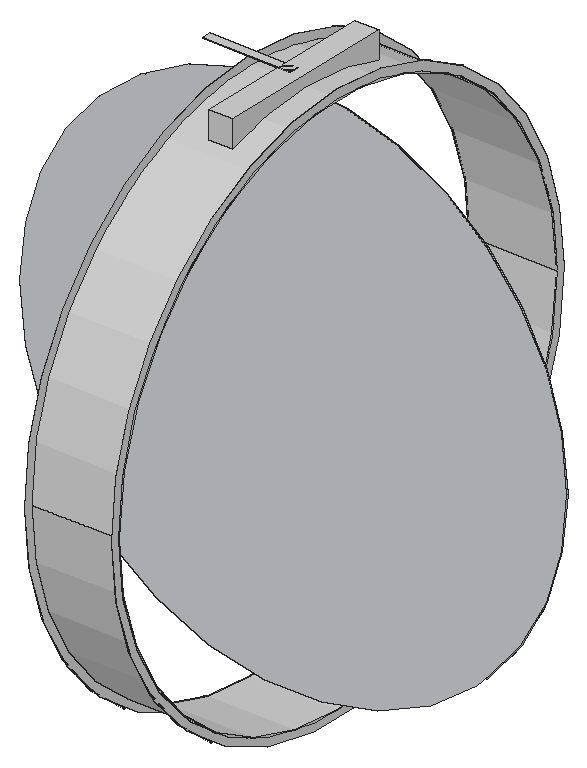
Revit family "НЕВАТОМ_Заслонка Р-D-ОЦ–Ф.Ф., Версия 2", category Арматура воздуховодов, Revit 2017
Family settings
  Размер круглого соединителя = Использовать диаметр
  Тип детали = Вставляется
  На основе рабочей плоскости = Нет
  Всегда вертикально = Нет
  При загрузке вырезать с полостями = Нет
  Общий = Нет
Parameters (values of type "Заслонка Р-D-ф.ф.")
  ширина Ручка = 22 mm  # constant formula
  Ширина площадки [instance] = D / 3  # 416.667 mm
  Открыто = yes
  Материал корпуса = Материал корпуса
  Закрыто = no
  t = 1 mm
  Nevatom_URL = "https://t.me/NEVATOM_Bim_bot"
  H [instance] = D / 2 + 25 mm  # 650 mm
  Dф [instance] = D + 40 mm  # 1290 mm
  Длина площадки [instance] = 55 mm
  Dt [instance] = D + 2 * t  # 1252 mm
  L [instance] = size_lookup("НЕВАТОМ_Заслонка P-D-ФФ", "L", 0 mm, D)  # 200 mm
  ADSK_Ток = 0 A
  ADSK_Полная мощность = 0 VA
  ADSK_Напряжение = 0 V
  D [instance] = 1250 mm
  ADSK_Расход воздуха = 0.0 L/s
  ADSK_Примечание = ""
  ADSK_Потеря давления воздуха = 0.0 Pa
  ADSK_Позиция = ""
  ADSK_Наименование = "Заслонка круглого сечения"  # constant formula
  ADSK_Материал наименование = "Оцинкованная сталь"  # constant formula
  ADSK_Марка [instance] = size_lookup("НЕВАТОМ_Заслонка P-D-ФФ", "", "нет типоразмера", D)  # "Заслонка-Р-1250-оц.-ф.ф."
  ADSK_Количество = 1  # constant formula
  ADSK_Код изделия = ""
  ADSK_Завод-изготовитель = "НЕВАТОМ"  # constant formula
  ADSK_Единица измерения = "шт."  # constant formula
Reference planes
  plane 1 "По центру (Вперед/Назад)": y = 0
  plane 2: z = 0
  plane 3 "По центру (Влево/Вправо)": x = 0
  plane 4: y = 625
  plane 5: y = -625
  plane 6: x = -100
  plane 7: x = 100
  plane 8: z = 626
  plane 9: z = -626
  plane 10: y = -626
  plane 11: y = 626
  plane 12: y = -208.333
  plane 13: y = 208.333
Forms (mm)
  Extrusion 1, solid, material "Материал корпуса" <- "Материал корпуса"
    sketch origin (0, 0, 0) x (0, 1, 0) y (0, 0, 1)
      loop
        circle (0, 0) r 626
      loop
        circle (0, 0) r 625
    from -100 to 100
  Extrusion 2, solid, visible <- "Открыто"
    sketch origin (0, 0, 0) x (1, 0, 0) y (0, 0, 1)
      loop
        circle (0, 0) r 625
    from -0.5 to 0.5
  Extrusion 3, solid, material "Материал корпуса" <- "Материал корпуса", visible <- "Закрыто"
    sketch origin (0, 0, 0) x (0, 1, 0) y (0, 0, 1)
      loop
        circle (0.5, 0) r 625
    from -0.5 to 0.5
  Extrusion 4, solid, material "Материал корпуса" <- "Материал корпуса"
    sketch origin (0, 0, 0) x (0, 1, 0) y (0, 0, 1)
      loop
        circle (0.5, 0) r 626
      loop
        circle (0.5, 0) r 645
    from -100 to -99
  Extrusion 5, solid, material "Материал корпуса" <- "Материал корпуса"
    sketch origin (0, 0, 0) x (0, 1, 0) y (0, 0, -1)
      loop
        circle (0.5, 0) r 626
      loop
        circle (0.5, 0) r 645
    from -100 to -99
  Extrusion 6, solid, material "Материал корпуса"
    sketch origin (0, 0, 0) x (0, 1, 0) y (0, 0, 1)
      loop
        arc (-208.333, 589.256) -> (0, 625) -> (208.333, 589.256) r 625
        line (208.333, 589.256) -> (208.333, 650) -> (-208.333, 650) -> (-208.333, 589.256)
    from -27.5 to 27.5
  Extrusion 7, solid, material "Материал корпуса", visible <- "Закрыто"
    sketch origin (0, 0, 0) x (1, 0, 0) y (0, 1, 0)
      loop
        line (-11, 0) -> (-11, -200) -> (11, -200) -> (11, 0) -> (-11, 0)
    from 649 to 650
  Extrusion 8, solid, material "Материал корпуса", visible <- "Открыто"
    sketch origin (0, 0, 0) x (1, 0, 0) y (0, 1, 0)
      loop
        line (-200, 11) -> (-200, -11) -> (0, -11) -> (0, 11) -> (-200, 11)
    from 649 to 650
Dimensions and locks
  equal spacing: plane 6, plane 3 "По центру (Влево/Вправо)", plane 7
  "L": plane 6 to plane 7
  equal spacing: plane 4, plane 1 "По центру (Вперед/Назад)", plane 5
  "D": plane 4 to plane 5
  equal spacing: plane 8, level, plane 9
  "Dt": plane 8 to plane 9
  equal spacing: plane 10, plane 1 "По центру (Вперед/Назад)", plane 11
  "Dt": plane 10 to plane 11
  equal spacing: Extrusion 2, plane 1 "По центру (Вперед/Назад)", Extrusion 2
  "t": Extrusion 2 to Extrusion 2
  equal spacing: Extrusion 3, plane 3 "По центру (Влево/Вправо)", Extrusion 3
  "t": Extrusion 3 to Extrusion 3
  equal spacing: plane 12, plane 1 "По центру (Вперед/Назад)", plane 13
  "Ширина площадки": plane 12 to plane 13
  "H": Extrusion 6 sketch curve to level
  equal spacing: Extrusion 6, plane 3 "По центру (Влево/Вправо)", Extrusion 6
  "Длина площадки": Extrusion 6 to Extrusion 6
  equal spacing: Extrusion 7 sketch curve, plane 3 "По центру (Влево/Вправо)", Extrusion 7 sketch curve
  "ширина Ручка": Extrusion 7 sketch curve to Extrusion 7 sketch curve
  "L": Extrusion 7 sketch curve to plane 1 "По центру (Вперед/Назад)"
  "t": Extrusion 7 to Extrusion 7
  equal spacing: Extrusion 8 sketch curve, plane 1 "По центру (Вперед/Назад)", Extrusion 8 sketch curve
  "ширина Ручка": Extrusion 8 sketch curve to Extrusion 8 sketch curve
  "L": Extrusion 8 sketch curve to plane 3 "По центру (Влево/Вправо)"
  "t": Extrusion 6 to Extrusion 8
  "t": plane 6 to Extrusion 4
  "t": Extrusion 5 to plane 7
  plane 6 to plane 7 = 200 mm
  plane 13 to plane 12 = 416.667 mm
  "D": diameter of Extrusion 1 sketch curve
  "Dt": diameter of Extrusion 1 sketch curve
  "D": diameter of Extrusion 2 sketch curve
  "D": diameter of Extrusion 3 sketch curve
  "Dt": diameter of Extrusion 4 sketch curve
  "Dф": diameter of Extrusion 4 sketch curve
  "Dt": diameter of Extrusion 5 sketch curve
  "Dф": diameter of Extrusion 5 sketch curve
  aligned and locked: level to plane 2
  aligned and locked: Extrusion 6 sketch curve to Extrusion 1
  aligned and locked: plane 1 "По центру (Вперед/Назад)" to Extrusion 7 sketch curve
  aligned and locked: Extrusion 6 to Extrusion 7
  aligned and locked: Extrusion 8 sketch curve to plane 3 "По центру (Влево/Вправо)"
  aligned and locked: Extrusion 6 to Extrusion 8
  aligned and locked: plane 7 to Extrusion 1
  aligned and locked: Extrusion 1 to plane 6
  aligned and locked: plane 7 to Extrusion 5
  aligned and locked: Extrusion 4 to plane 6
  aligned and locked: nested 1 to Extrusion 6
  aligned and locked: Extrusion 6 to nested 1  (x2)
Automatic sketch dimensions
  Extrusion 1 sketch curve to Extrusion 1 sketch curve = 0 mm  (x2)
  Extrusion 1 sketch curve to level = 0 mm
  Extrusion 1 sketch curve to plane 1 "По центру (Вперед/Назад)" = 0 mm
  Extrusion 2 sketch curve to level = 0 mm
  Extrusion 2 sketch curve to plane 3 "По центру (Влево/Вправо)" = 0 mm
  Extrusion 3 sketch curve to level = 0 mm
  Extrusion 3 sketch curve to plane 1 "По центру (Вперед/Назад)" = 0.5 mm
  Extrusion 4 sketch curve to Extrusion 4 sketch curve = 0 mm  (x2)
  Extrusion 4 sketch curve to level = 0 mm
  Extrusion 4 sketch curve to plane 1 "По центру (Вперед/Назад)" = 0.5 mm
  Extrusion 5 sketch curve to Extrusion 5 sketch curve = 0 mm  (x2)
  Extrusion 5 sketch curve to level = 0 mm
  Extrusion 5 sketch curve to plane 1 "По центру (Вперед/Назад)" = 0.5 mm
  Extrusion 6 sketch curve to plane 12 = 0 mm
  Extrusion 6 sketch curve to plane 13 = 0 mm
Nested families
  nested 1: "НЕВАТОМ_QR-AxB" at (-2.5, -183.333, 650), type "Nevatom_Logo_50x50", not visible
Connectors
  hvac at (100, 0, 0), driven by "D"
    settings: on Extrusion 1, index 1, duct flow 0.0 L/s, flow factor 0, pres drop 0.0 Pa, loss coef 0, conn angle 0.00°, conn width 304.8 mm, conn height 304.8 mm, conn diameter 1250 mm, duct sys type 28, conn prof type 0, flow config 0, flow direction 0, loss method 0, conn ref index -1, conn util no, is conn primary yes, conn desc ""
  hvac at (-100, 0, 0), driven by "D"
    settings: on Extrusion 1, index 2, duct flow 0.0 L/s, flow factor 0, pres drop 0.0 Pa, loss coef 0, conn angle 0.00°, conn width 304.8 mm, conn height 304.8 mm, conn diameter 1250 mm, duct sys type 28, conn prof type 0, flow config 0, flow direction 0, loss method 0, conn ref index -1, conn util no, is conn primary no, conn desc ""
Definition of nested family "НЕВАТОМ_QR-AxB"
  Parameters (values of type "Nevatom_Logo_25x25")
    Logo_Image = none
    L = 2 mm
    B = A  # 25 mm
    A = 25 mm
  Types (5, lengths in mm): name | B | A
    (no name) | 25 | 25
    Nevatom_Logo_200x200 | 200 | 200
    Nevatom_Logo_100x100 | 100 | 100
    Nevatom_Logo_50x50 | 50 | 50
    Nevatom_Logo_25x25 | 25 | 25
  Reference planes
    plane 1 "По центру (Вперед/Назад)": y = 0
    plane 2: z = 0
    plane 3 "По центру (Влево/Вправо)": x = 0
    plane 4: x = -12.5
    plane 5: x = 12.5
    plane 6: y = 12.5
    plane 7: y = -12.5
  Forms (mm)
    Extrusion 1, solid, material <- "Logo_Image"
      sketch origin (0, 0, 0) x (1, 0, 0) y (0, 1, 0)
        loop
          line (-12.5, 12.5) -> (-12.5, -12.5) -> (12.5, -12.5) -> (12.5, 12.5) -> (-12.5, 12.5)
      from 0 to 2 <- "L"
  Lines and regions (mm)
    reference lines
      curve 1: line (-12.5, 12.5, 0) -> (12.5, 12.5, 0)
      curve 2: line (12.5, 12.5, 0) -> (12.5, -12.5, 0)
      curve 3: line (12.5, -12.5, 0) -> (-12.5, -12.5, 0)
      curve 4: line (-12.5, -12.5, 0) -> (-12.5, 12.5, 0)
  Dimensions and locks
    equal spacing: plane 4, plane 3 "По центру (Влево/Вправо)", plane 5
    "A": plane 4 to plane 5
    equal spacing: plane 6, plane 1 "По центру (Вперед/Назад)", plane 7
    "B": plane 6 to plane 7
    aligned and locked: level to plane 2
    aligned and locked: plane 6 to curve 1
    aligned and locked: plane 4 to curve 4
    aligned and locked: plane 5 to curve 2
    aligned and locked: plane 7 to curve 3
    aligned and locked: Extrusion 1 sketch curve to curve 1
    aligned and locked: Extrusion 1 sketch curve to curve 4
    aligned and locked: Extrusion 1 sketch curve to curve 3
    aligned and locked: Extrusion 1 sketch curve to curve 2
